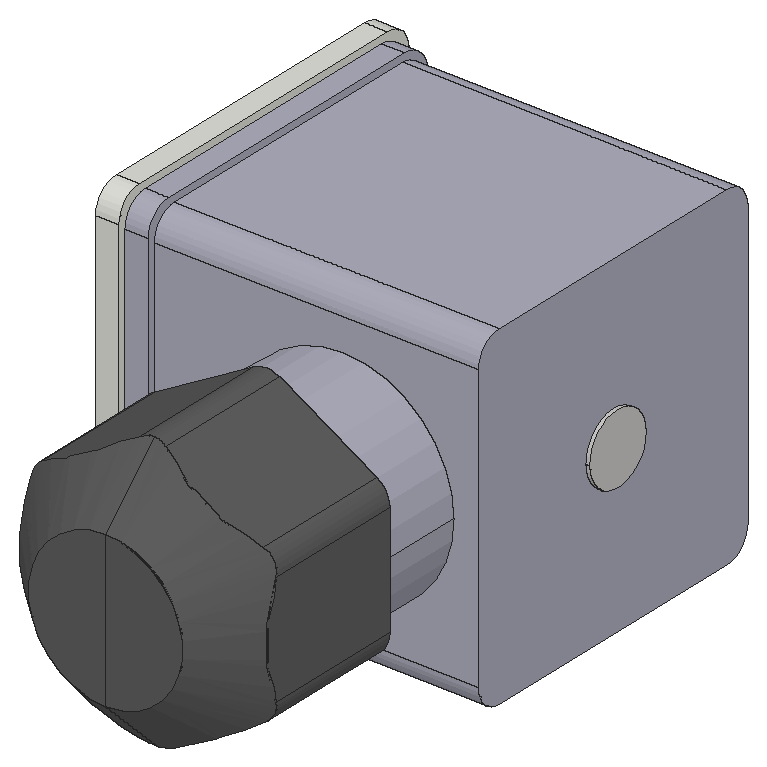
Revit family "Cable plug_IP67_RFA_2", category Pipe Accessories, Revit 2019
Family settings
  Round Connector Dimension = Use Diameter
  Part Type = Normal
  OmniClass Number = 23.65.55.14.17
  OmniClass Title = Adjusting/Controlling Valves for Liquid Services
  Work Plane-Based = No
  Always vertical = Yes
  Cut with Voids When Loaded = No
  Shared = Yes
Parameters (values of type "Cable plug IP67_042N1256")
  Weight = 0.026 kg
  W = 49.9 mm
  URL = "https://store.danfoss.com/en/Sensing-Solutions/Valves/Spare-Parts-and-Accessories-for-Valves/Spare-part%2C-042N-Coil-Type-B%3B-018F-Coil-Type-B%3B-018Z-Coil-Type-B%2C-Cable-plug/p/042N1256"
  Model Type = "Cable plug IP67"
  Model = "042N1256"
  Manufacturer = "Danfoss"  # constant formula
  LOD 350 [instance] = not(LOD 200)  # yes
  LOD 200 [instance] = no
  L = 31.734 mm
  IfcExportType = "Cable plug"  # constant formula
  IfcExportAs = "IfcValveType"  # constant formula
  H = 28 mm
  Description = "Cable plug"  # constant formula
  Body Material = Danfoss Polyamide Gray (GF reinforced)
Reference planes
  plane 1 "Center (Front/Back)": y = 0
  plane 2: z = 0
  plane 3 "Center (Left/Right)": x = 0
  plane 4: z = 14
  plane 5: x = 10.534
  plane 6: x = -21.2
  plane 7: y = 14
  plane 8: z = -14
  plane 9: y = -35.9
  plane 10: z = 0
Forms (mm)
  Extrusion 1, solid, material "Danfoss Polyamide Gray (GF reinforced)" <- "Body Material", visible <- "LOD 350"
    sketch origin (0, 0, 0) x (0, 1, 0) y (0, 0, 1)
      loop
        arc (-11, 13) -> (-12.414, 12.414) -> (-13, 11) r 2
        line (-13, 11) -> (-13, -11)
        arc (-13, -11) -> (-12.414, -12.414) -> (-11, -13) r 2
        line (-11, -13) -> (11, -13)
        arc (11, -13) -> (12.414, -12.414) -> (13, -11) r 2
        line (13, -11) -> (13, 11)
        arc (13, 11) -> (12.414, 12.414) -> (11, 13) r 2
        line (11, 13) -> (-11, 13)
    from -14.627 to 10.534
  Extrusion 2, solid, material "Danfoss Silicone White", visible <- "LOD 350"
    sketch origin (0, 0, 0) x (0, 1, 0) y (0, 0, 1)
      loop
        arc (-12, 14) -> (-13.414, 13.414) -> (-14, 12) r 2
        line (-14, 12) -> (-14, -11.95)
        arc (-14, -11.95) -> (-13.4, -13.4) -> (-11.95, -14) r 2.05
        line (-11.95, -14) -> (11.968, -14)
        arc (11.968, -14) -> (13.405, -13.405) -> (14, -11.968) r 2.032
        line (14, -11.968) -> (14, 12.03)
        arc (14, 12.03) -> (13.423, 13.423) -> (12.03, 14) r 1.97
        line (12.03, 14) -> (-12, 14)
    from -18.3 to -16.5
  Extrusion 3, solid, material "Danfoss Polyamide Gray (GF reinforced)" <- "Body Material", visible <- "LOD 350"
    sketch origin (0, 0, 0) x (0, 1, 0) y (0, 0, 1)
      loop
        arc (-11.525, 13.5) -> (-12.921, 12.921) -> (-13.5, 11.525) r 1.975
        line (-13.5, 11.525) -> (-13.5, -11.464)
        arc (-13.5, -11.464) -> (-12.904, -12.904) -> (-11.464, -13.5) r 2.036
        line (-11.464, -13.5) -> (11.3, -13.5)
        arc (11.3, -13.5) -> (12.856, -12.856) -> (13.5, -11.3) r 2.2
        line (13.5, -11.3) -> (13.5, 11.287)
        arc (13.5, 11.287) -> (12.852, 12.852) -> (11.287, 13.5) r 2.213
        line (11.287, 13.5) -> (-11.525, 13.5)
    from -16.5 to -14.627
  Extrusion 4, solid, material "Danfoss Silicone White"
    sketch origin (0, 0, 0) x (0, 1, 0) y (0, 0, 1)
      loop
        circle (0, 0) r 1.539
    from -21.2 to -18.3
  Extrusion 5, solid, material "Danfoss Polyamide Gray (GF reinforced)" <- "Body Material"
    sketch origin (0, 0, 0) x (1, 0, 0) y (0, 0, 1)
      loop
        circle (0, 0) r 8.57
    from 0 to 20.375
  Revolve 6, solid, material "Danfoss Polyamide Black (GF reinforced)", visible <- "LOD 350"
    sketch origin (0, 0, 0) x (0, 1, 0) y (0, 0, 1)
      loop
        line (-35.9, 0) -> (-20.375, 0) -> (-20.375, 11.577) -> (-30.283, 11.577) -> (-35.9, 5.959) -> (-35.9, 0)
      axis (-35.9, 0) -> (-20.375, 0)
    angle from 0 to 360
  Extrusion 7, void
    sketch origin (0, 0, 0) x (1, 0, 0) y (0, 0, 1)
      loop
        line (-1, 10.423) -> (-8.526, 6.077)
        arc (-8.526, 6.077) -> (-9.258, 5.345) -> (-9.526, 4.345) r 2
        line (-9.526, 4.345) -> (-9.526, -4.345)
        arc (-9.526, -4.345) -> (-9.258, -5.345) -> (-8.526, -6.077) r 2
        line (-8.526, -6.077) -> (-1, -10.423)
        arc (-1, -10.423) -> (0, -10.691) -> (1, -10.423) r 2
        line (1, -10.423) -> (8.526, -6.077)
        arc (8.526, -6.077) -> (9.258, -5.345) -> (9.526, -4.345) r 2
        line (9.526, -4.345) -> (9.526, 4.345)
        arc (9.526, 4.345) -> (9.258, 5.345) -> (8.526, 6.077) r 2
        line (8.526, 6.077) -> (1, 10.423)
        arc (1, 10.423) -> (0, 10.691) -> (-1, 10.423) r 2
      loop
        circle (0, 0) r 14.82
    from 20.375 to 250
  Extrusion 8, solid, material "Danfoss Polyamide Gray (GF reinforced)" <- "Body Material", visible <- "LOD 200"
    sketch origin (0, 0, 0) x (0, 1, 0) y (0, 0, 1)
      loop
        line (14, 14) -> (-14, 14) -> (-14, -14) -> (14, -14) -> (14, 14)
    from -18.3 to 10.534
  Extrusion 9, solid, material "Danfoss Polyamide Black (GF reinforced)", visible <- "LOD 200"
    sketch origin (0, 0, 0) x (1, 0, 0) y (0, 0, 1)
      loop
        circle (0, 0) r 11
    from 20.375 to 35.9
  Extrusion 10, solid, material "Danfoss Stainless Steel", visible <- "LOD 350"
    sketch origin (0, 0, 0) x (0, 1, 0) y (0, 0, 1)
      loop
        circle (0, 0) r 2.7
    from 10.534 to 10.9
Cuts and joins
  Extrusion 7 cuts Extrusion 1
  Extrusion 7 cuts Extrusion 3
  Extrusion 7 cuts Revolve 6
Dimensions and locks
  "L": plane 5 to plane 6
  equal spacing: Extrusion 1 sketch curve, plane 2, Extrusion 1 sketch curve
  equal spacing: Extrusion 1 sketch curve, plane 1 "Center (Front/Back)", Extrusion 1 sketch curve
  Extrusion 1 sketch curve to plane 1 "Center (Front/Back)" = 13 mm
  plane 2 to Extrusion 1 sketch curve = 13 mm
  equal spacing: Extrusion 2 sketch curve, plane 1 "Center (Front/Back)", Extrusion 2 sketch curve
  equal spacing: Extrusion 2 sketch curve, plane 2, Extrusion 2 sketch curve
  plane 2 to Extrusion 2 sketch curve = 14 mm
  Extrusion 2 sketch curve to plane 1 "Center (Front/Back)" = 14 mm
  equal spacing: Extrusion 3 sketch curve, plane 2, Extrusion 3 sketch curve
  plane 2 to Extrusion 3 sketch curve = 13.5 mm
  Extrusion 3 sketch curve to plane 1 "Center (Front/Back)" = 13.5 mm
  equal spacing: Extrusion 3 sketch curve, plane 1 "Center (Front/Back)", Extrusion 3 sketch curve
  "H": plane 4 to plane 8
  "W": plane 9 to plane 7
  radius of Extrusion 3 sketch curve = 2.036 mm
  radius of Extrusion 3 sketch curve = 2.2 mm
  radius of Extrusion 3 sketch curve = 2.213 mm
  radius of Extrusion 3 sketch curve = 1.975 mm
  radius of Extrusion 4 sketch curve = 1.539 mm
  radius of Extrusion 5 sketch curve = 8.57 mm
  radius of Extrusion 9 sketch curve = 11 mm
  radius of Extrusion 10 sketch curve = 2.7 mm
  aligned and locked: level to plane 2
  aligned and locked: plane 5 to Extrusion 1
  aligned and locked: Extrusion 3 to Extrusion 2
  aligned and locked: Extrusion 3 to Extrusion 1
  aligned and locked: Extrusion 4 to plane 6
  aligned and locked: Revolve 6 sketch curve to plane 2
  aligned and locked: Revolve 6 sketch curve to Extrusion 5
  aligned and locked: Revolve 6 sketch curve to Revolve 6 sketch curve  (x2)
  aligned and locked: Extrusion 7 to Extrusion 5
  aligned and locked: plane 7 to Extrusion 2
  aligned and locked: plane 9 to cut or joined group of Revolve 6, Extrusion 7
  aligned and locked: plane 2 to plane 10
  aligned and locked: plane 4 to Extrusion 8 sketch curve
  aligned and locked: plane 7 to Extrusion 8 sketch curve
  aligned and locked: Extrusion 8 sketch curve to plane 8
  aligned and locked: Extrusion 8 sketch curve to Extrusion 2
  aligned and locked: Extrusion 8 to Extrusion 2
  aligned and locked: plane 5 to Extrusion 8
  aligned and locked: Extrusion 9 to Extrusion 5
  aligned and locked: Extrusion 9 to cut or joined group of Revolve 6, Extrusion 7
  aligned and locked: Extrusion 10 to plane 5
Automatic sketch dimensions
  Extrusion 1 sketch curve to Extrusion 1 sketch curve = 2 mm  (x4)
  Extrusion 2 sketch curve to Extrusion 2 sketch curve = 2 mm
  Extrusion 2 sketch curve to Extrusion 2 sketch curve = 2.05 mm
  Extrusion 2 sketch curve to Extrusion 2 sketch curve = 2.032 mm
  Extrusion 2 sketch curve to Extrusion 2 sketch curve = 1.97 mm
  Extrusion 4 sketch curve to level = 0 mm
  Extrusion 4 sketch curve to plane 1 "Center (Front/Back)" = 0 mm
  Extrusion 5 sketch curve to level = 0 mm
  Extrusion 5 sketch curve to plane 3 "Center (Left/Right)" = 0 mm
  Extrusion 7 sketch curve to plane 3 "Center (Left/Right)" = 0 mm  (x3)
  Extrusion 7 sketch curve to level = 0 mm
  Extrusion 7 sketch curve to plane 3 "Center (Left/Right)" = 1 mm  (x2)
  Extrusion 7 sketch curve to plane 3 "Center (Left/Right)" = 7.526 mm  (x2)
  Extrusion 7 sketch curve to Extrusion 7 sketch curve = 1 mm  (x4)
  Extrusion 7 sketch curve to Extrusion 7 sketch curve = 2 mm
  plane 3 "Center (Left/Right)" to Extrusion 7 sketch curve = 1 mm  (x2)
  Extrusion 7 sketch curve to plane 5 = 3.007 mm  (x2)
  Extrusion 7 sketch curve to plane 5 = 1.007 mm
  Extrusion 7 sketch curve to level = 4.345 mm  (x2)
  Extrusion 7 sketch curve to Extrusion 7 sketch curve = 4.345 mm  (x2)
  Extrusion 7 sketch curve to Extrusion 7 sketch curve = 1.732 mm  (x2)
  level to Extrusion 7 sketch curve = 4.345 mm  (x2)
  Revolve 6 sketch curve to Revolve 6 sketch curve = 5.617 mm  (x2)
  level to Revolve 6 sketch curve = 5.959 mm
  Revolve 6 sketch curve to Revolve 6 sketch curve = 0 mm
  plane 1 "Center (Front/Back)" to Extrusion 3 sketch curve = 13.5 mm
  Revolve 6 sketch curve to Revolve 6 sketch curve = 9.908 mm
  Extrusion 9 sketch curve to level = 0 mm
  Extrusion 9 sketch curve to plane 3 "Center (Left/Right)" = 0 mm
  Extrusion 10 sketch curve to level = 0 mm
  Extrusion 10 sketch curve to plane 1 "Center (Front/Back)" = 0 mm
  radius of Extrusion 7 sketch curve = 14.82 mm
